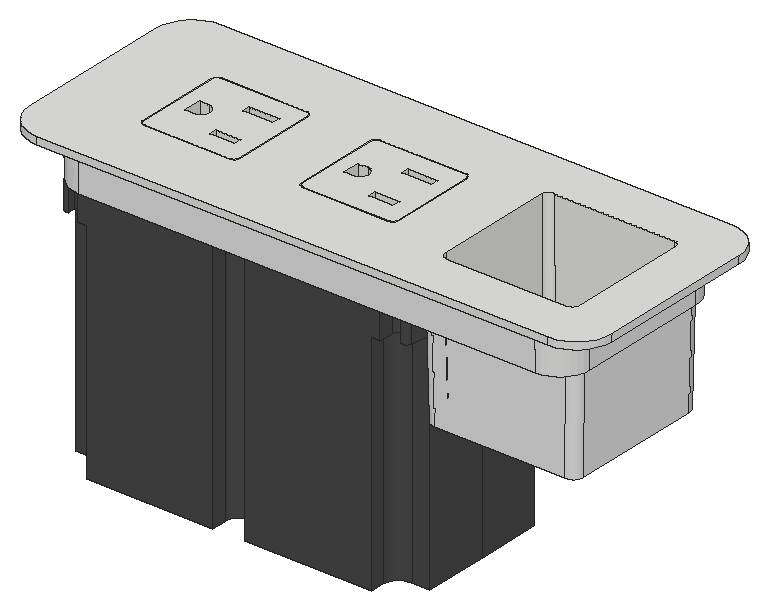
Revit family "Electrical-Teknion-YEFPW_Flush_Power_Module_WE_Connect-R2022", category Furniture, Revit 2023 (continued)
Definition of nested family "Body 3"
  Automatic sketch dimensions
    curve 5 to curve 4 = 0.02465"
    curve 50 to curve 49 = 0.02465"
    curve 48 to curve 48 = 0.08249"
    curve 58 to curve 59 = 0.1054"
    curve 13 to curve 14 = 0.1054"
    curve 3 to curve 11 = 0.000"
    curve 2 to curve 1 = 0.00277"
    curve 47 to curve 47 = 0.00277"
    curve 18 to plane 6 "Back" = 0.15745"
    curve 2 to curve 18 = 0.09471"
    curve 61 to plane 7 "Front" = 0.15745"
    curve 47 to curve 61 = 0.09471"
    curve 57 to curve 55 = 0.00103"
    curve 12 to curve 10 = 0.00103"
    curve 59 to curve 60 = 0.34422"
    curve 60 to plane 7 "Front" = 0.51181"
    curve 60 to curve 60 = 1.08316"
    curve 15 to curve 8 = 0.16433"
    curve 60 to curve 46 = 0.16433"
    curve 8 to plane 6 "Back" = 0.16057"
    curve 1 to curve 8 = 0.0028"
    curve 53 to plane 7 "Front" = 0.16057"
    curve 46 to curve 53 = 0.0028"
    curve 53 to curve 54 = 0.17714"
    curve 8 to curve 9 = 0.17714"
    curve 42 to curve 39 = 0.00108"
    curve 83 to curve 81 = 0.0028"
    curve 39 to curve 42 = 0.00172"
    curve 54 to curve 84 = 0.16706"
    plane 3 "Center Left/Right" to curve 84 = 0.54154"
    curve 84 to curve 82 = 0.16435"
    curve 43 to curve 40 = 0.16435"
    curve 40 to curve 39 = 0.00172"
    curve 41 to plane 6 "Back" = 0.16675"
    curve 82 to plane 7 "Front" = 0.16675"
    curve 81 to curve 82 = 0.00291"
    curve 82 to curve 71 = 0.17703"
    curve 28 to curve 28 = 0.17703"
    curve 70 to plane 7 "Front" = 0.16057"
    curve 27 to plane 6 "Back" = 0.16057"
    curve 28 to curve 27 = 0.0028"
    curve 71 to curve 63 = 0.0028"
    curve 70 to curve 36 = 0.16713"
    plane 5 "Right" to curve 77 = 0.56076"
    curve 74 to plane 7 "Front" = 0.09843"
    plane 5 "Right" to curve 74 = 0.39476"
    curve 29 to plane 6 "Back" = 0.09843"
    plane 5 "Right" to curve 29 = 0.39476"
    curve 74 to plane 7 "Front" = 0.15745"
    curve 72 to curve 74 = 0.00103"
    curve 31 to plane 6 "Back" = 0.15745"
    curve 29 to curve 31 = 0.00103"
    curve 29 to curve 21 = 0.09296"
    curve 72 to curve 63 = 0.09296"
    curve 31 to curve 21 = 0.09471"
    curve 78 to curve 64 = 0.09471"
    curve 21 to curve 30 = 0.08249"
    curve 65 to curve 79 = 0.08249"
    curve 65 to curve 73 = 0.000"
    curve 22 to curve 30 = 0.000"
    curve 22 to curve 23 = 0.00132"
    curve 65 to curve 66 = 0.00132"
    curve 33 to curve 33 = 0.1054"
    curve 73 to curve 75 = 0.1054"
    curve 22 to curve 24 = 0.02465"
    curve 65 to curve 67 = 0.02465"
    plane 5 "Right" to curve 32 = 0.09843"
    plane 5 "Right" to curve 68 = 0.05131"
    plane 5 "Right" to curve 25 = 0.05131"
    plane 5 "Right" to curve 79 = 0.01271"
    plane 5 "Right" to curve 26 = 0.01271"
    curve 66 to plane 7 "Front" = 0.08352"
    curve 55 to curve 57 = 0.05903"
    curve 67 to curve 68 = 0.04348"
    curve 49 to curve 51 = 0.04348"
    curve 56 to curve 48 = 0.00147"
    curve 73 to curve 64 = 0.00147"
    curve 54 to curve 84 = 0.35124"
    curve 76 to curve 35 = 0.17716"
    curve 44 to curve 9 = 0.35124"
    curve 36 to curve 27 = 0.35124"
    curve 17 to curve 9 = 0.35124"
    curve 3 to curve 11 = 0.00147"
    curve 21 to curve 30 = 0.00147"
    curve 22 to curve 24 = 0.02112"
    curve 3 to curve 5 = 0.02112"
    curve 24 to curve 25 = 0.0108"
    curve 12 to curve 10 = 0.05903"
    curve 46 to curve 61 = 0.09468"
    curve 1 to curve 18 = 0.09468"
    curve 83 to curve 80 = 0.00108"
    curve 78 to curve 63 = 0.09468"
    curve 37 to curve 20 = 0.09468"
Definition of nested family "Receptacle - Power"
  Parameters (values of type "Receptacle - Power")
    Warranty = "http://www.teknion.com/ca/papers/legal-canada"
    Unit Weight URL = "http://www.teknion.com/ca/tools/assets#&asset=bee6a381-b954-425e-8283-5a2de3a804f2,f828d448-4b62-4231-9e5f-9a8991c0ed77"
    URL = "www.teknion.com"
    To render please download texture images found here [instance] = "https://assets.teknion.com/web/5e81352c1dfdb467/revit-material-swatches/"
    Sustainability Data = "https://www.teknion.com/ca/tools/assets#&topic=216f99a5-57a0-44fc-b10a-9dee9b29ae4c&asset=444deb64-fe58-4b68-981e-f75e97781df7,b4ff2d81-9f2e-437d-9659-7cffb09c31cf"
    Series = ""
    Receptacle Finish [instance] = none
    Product Page URL = ""
    Product Line = ""
    Product Documentation Link = ""
    Part Number = ""
    Model = ""
    Manufacturer Phone = "416-661-3370"  # constant formula
    Manufacturer Fax = "416.661.4586"  # constant formula
    Manufacturer Contact Information = "http://www.teknion.com/ca/contactus"
    Manufacturer Address = "1150 Flint Road, Toronto, ON. M3J 2J5. Canada"  # constant formula
    Manufacturer = "Teknion"  # constant formula
    How To Use Teknion Materials User Guide [instance] = "https://assets.teknion.com/m/205dd0a49fa58060/original/How-to-add-a-Material-Library-and-Texture-Images-to-your-Revit-project.pdf"
    For Additional Finishes please visit [instance] = "https://assets.teknion.com/m/44a8009b046e5d47/original/Teknion_Materials_Library.zip"
    Description = "Receptacle - Power"
    Default Elevation = 0.000"
    Assembly Code = "E2020200"
  Reference planes (in)
    plane 1 "Center Front/Back": y = 0.46413
    plane 2: z = 0
    plane 3 "Center Left/Right": x = 0.0494
    plane 4 "Left": x = -0.48209
    plane 5 "Right": x = 0.5809
    plane 6 "Back": y = 0.99563
    plane 7 "Front": y = -0.06737
    plane 8 "Top": z = 27.69492
    plane 9: z = 27.50592
  Forms (in)
    Sweep 1, solid, material <- "Receptacle Finish"
      path origin (0, 0.46413, 0) x (1, 0, 0) y (0, 0, 1)
        loop
          line (0.0494, 27.69492) -> (0.0494, 27.50592)
      profile origin (0.0494, 0.46413, 27.60042) x (0, -1, 0) y (1, 0, 0)
        loop
          line (-0.53149, 0.47244) -> (-0.53149, -0.47244)
          arc (-0.53149, -0.47244) -> (-0.5142, -0.5142) -> (-0.47244, -0.5315) r 0.05906
          line (-0.47244, -0.5315) -> (0.47244, -0.5315)
          arc (0.47244, -0.5315) -> (0.5142, -0.5142) -> (0.5315, -0.47244) r 0.05906
          line (0.5315, -0.47244) -> (0.5315, 0.47244)
          arc (0.5315, 0.47244) -> (0.5142, 0.5142) -> (0.47244, 0.5315) r 0.05906
          line (0.47244, 0.5315) -> (-0.47244, 0.5315)
          arc (-0.47244, 0.5315) -> (-0.5142, 0.5142) -> (-0.53149, 0.47244) r 0.05906
        loop
          line (-0.02756, -0.29331) -> (-0.02756, -0.20669) -> (-0.36614, -0.20669) -> (-0.36614, -0.29331) -> (-0.02756, -0.29331)
        loop
          line (-0.05905, 0.20669) -> (-0.05905, 0.29331) -> (-0.33464, 0.29331) -> (-0.33464, 0.20669) -> (-0.05905, 0.20669)
        loop
          arc (0.27166, 0.10236) -> (0.1693, 0) -> (0.27166, -0.10236) r 0.10236
          line (0.27166, -0.10236) -> (0.37402, -0.10236) -> (0.37402, 0.10236) -> (0.27166, 0.10236)
  Lines and regions (in)
    symbolic lines
      curve 1: line (0.52184, 0.99563, 0) -> (-0.42304, 0.99563, 0)
      curve 2: arc (-0.42304, 0.99563, 0) -> (-0.4648, 0.97833, 0) -> (-0.48209, 0.93657, 0) r 0.05906
      curve 3: line (-0.48209, 0.93657, 0) -> (-0.48209, -0.00831, 0)
      curve 4: arc (-0.48209, -0.00831, 0) -> (-0.4648, -0.05007, 0) -> (-0.42304, -0.06737, 0) r 0.05906
      curve 5: line (-0.42304, -0.06737, 0) -> (0.52184, -0.06737, 0)
      curve 6: arc (0.52184, -0.06737, 0) -> (0.5636, -0.05007, 0) -> (0.5809, -0.00831, 0) r 0.05906
      curve 7: line (0.5809, -0.00831, 0) -> (0.5809, 0.93657, 0)
      curve 8: arc (0.5809, 0.93657, 0) -> (0.5636, 0.97833, 0) -> (0.52184, 0.99563, 0) r 0.05906
      curve 9: line (-0.15729, 0.83027, 0) -> (-0.15729, 0.49169, 0)
      curve 10: line (-0.15729, 0.49169, 0) -> (-0.24391, 0.49169, 0)
      curve 11: line (-0.24391, 0.49169, 0) -> (-0.24391, 0.83027, 0)
      curve 12: line (-0.24391, 0.83027, 0) -> (-0.15729, 0.83027, 0)
      curve 13: line (0.25609, 0.52319, 0) -> (0.25609, 0.79878, 0)
      curve 14: line (0.25609, 0.79878, 0) -> (0.34271, 0.79878, 0)
      curve 15: line (0.34271, 0.79878, 0) -> (0.34271, 0.52319, 0)
      curve 16: line (0.34271, 0.52319, 0) -> (0.25609, 0.52319, 0)
      curve 17: line (0.15176, 0.19248, 0) -> (0.15176, 0.09012, 0)
      curve 18: line (0.15176, 0.09012, 0) -> (-0.05296, 0.09012, 0)
      curve 19: line (-0.05296, 0.09012, 0) -> (-0.05296, 0.19248, 0)
      curve 20: arc (-0.05296, 0.19248, 0) -> (0.0494, 0.29484, 0) -> (0.15176, 0.19248, 0) r 0.10236
  Dimensions and locks (in)
    plane 4 "Left" to plane 5 "Right" = 1.06299"
    plane 6 "Back" to plane 7 "Front" = 1.063"
    locked: plane 8 "Top" to level at 27.69492
    equal spacing: plane 6 "Back", plane 1 "Center Front/Back", plane 7 "Front"
    equal spacing: plane 4 "Left", plane 3 "Center Left/Right", plane 5 "Right"
    plane 8 "Top" to plane 9 = 0.189"
    aligned and locked: level to plane 2
  Automatic sketch dimensions
    Sweep 1 sketch curve to plane 3 "Center Left/Right" = 0.000"
    Sweep 1 sketch curve to plane 9 = 0.000"
    Sweep 1 sketch curve to plane 8 "Top" = 0.000"
    Sweep 1 sketch curve to profile plane = 0.000"
    Sweep 1 sketch curve to plane 1 "Center Front/Back" = 0.53149"
    Sweep 1 sketch curve to Sweep 1 sketch curve = 0.05906"  (x3)
    Sweep 1 sketch curve to Sweep 1 sketch curve = 0.1063"
    Sweep 1 sketch curve to Sweep 1 sketch curve = 0.1378"
    Sweep 1 sketch curve to plane 1 "Center Front/Back" = 0.05905"
    Sweep 1 sketch curve to plane 1 "Center Front/Back" = 0.02756"
    plane 1 "Center Front/Back" to Sweep 1 sketch curve = 0.27166"
    Sweep 1 sketch curve to Sweep 1 sketch curve = 0.10236"
    Sweep 1 sketch curve to Sweep 1 sketch curve = 0.09843"  (x2)
    profile plane to Sweep 1 sketch curve = 0.10236"
    profile plane to Sweep 1 sketch curve = 0.20669"
    Sweep 1 sketch curve to Sweep 1 sketch curve = 0.08661"  (x2)
    Sweep 1 sketch curve to Sweep 1 sketch curve = 0.37008"
    Sweep 1 sketch curve to profile plane = 0.20669"
    Sweep 1 sketch curve to Sweep 1 sketch curve = 0.17913"
    curve 3 to plane 4 "Left" = 0.000"
    plane 7 "Front" to curve 5 = 0.000"
    curve 6 to plane 5 "Right" = 0.000"
    plane 4 "Left" to curve 5 = 0.05906"
    curve 1 to plane 6 "Back" = 0.00001"
    plane 4 "Left" to curve 1 = 0.05906"
    plane 5 "Right" to curve 1 = 0.05906"
    plane 5 "Right" to curve 5 = 0.05906"
    curve 10 to plane 1 "Center Front/Back" = 0.02756"
    plane 4 "Left" to curve 10 = 0.23819"
    curve 12 to curve 12 = 0.08661"
    curve 12 to plane 6 "Back" = 0.16536"
    plane 3 "Center Left/Right" to curve 14 = 0.20669"
    curve 16 to curve 16 = 0.08661"
    curve 16 to plane 1 "Center Front/Back" = 0.05905"
    curve 15 to plane 6 "Back" = 0.19686"
    curve 20 to plane 3 "Center Left/Right" = 0.000"
    curve 19 to plane 3 "Center Left/Right" = 0.10236"
    curve 18 to plane 7 "Front" = 0.15748"
    curve 18 to curve 20 = 0.10236"
Definition of nested family "Receptacle - USB - A + C (18W)"
  Parameters (values of type "Receptacle - USB - A + C (18W)")
    Warranty = "http://www.teknion.com/ca/papers/legal-canada"
    Unit Weight URL = "http://www.teknion.com/ca/tools/assets#&asset=bee6a381-b954-425e-8283-5a2de3a804f2,f828d448-4b62-4231-9e5f-9a8991c0ed77"
    URL = "www.teknion.com"
    To render please download texture images found here [instance] = "https://assets.teknion.com/web/5e81352c1dfdb467/revit-material-swatches/"
    Sustainability Data = "https://www.teknion.com/ca/tools/assets#&topic=216f99a5-57a0-44fc-b10a-9dee9b29ae4c&asset=444deb64-fe58-4b68-981e-f75e97781df7,b4ff2d81-9f2e-437d-9659-7cffb09c31cf"
    Series = ""
    Receptacle Finish [instance] = none
    Product Page URL = ""
    Product Line = ""
    Product Documentation Link = ""
    Part Number = ""
    Model = ""
    Manufacturer Phone = "416-661-3370"  # constant formula
    Manufacturer Fax = "416.661.4586"  # constant formula
    Manufacturer Contact Information = "http://www.teknion.com/ca/contactus"
    Manufacturer Address = "1150 Flint Road, Toronto, ON. M3J 2J5. Canada"  # constant formula
    Manufacturer = "Teknion"  # constant formula
    How To Use Teknion Materials User Guide [instance] = "https://assets.teknion.com/m/205dd0a49fa58060/original/How-to-add-a-Material-Library-and-Texture-Images-to-your-Revit-project.pdf"
    For Additional Finishes please visit [instance] = "https://assets.teknion.com/m/44a8009b046e5d47/original/Teknion_Materials_Library.zip"
    Description = "Receptacle - USB - A + C (18W)"
    Default Elevation = 0.000"
    Assembly Code = "E2020200"
  Reference planes (in)
    plane 1 "Center Front/Back": y = 0.46413
    plane 2: z = 0
    plane 3 "Center Left/Right": x = 0.0494
    plane 4 "Left": x = -0.48209
    plane 5 "Right": x = 0.5809
    plane 6 "Back": y = 0.99563
    plane 7 "Front": y = -0.06737
    plane 8 "Top": z = 27.69492
    plane 9: z = 27.50592
  Forms (in)
    Sweep 1, solid, material <- "Receptacle Finish"
      path origin (0, 0.46413, 0) x (1, 0, 0) y (0, 0, 1)
        loop
          line (0.0494, 27.69492) -> (0.0494, 27.50592)
      profile origin (0.0494, 0.46413, 27.60042) x (0, -1, 0) y (1, 0, 0)
        loop
          line (-0.53149, 0.47244) -> (-0.53149, -0.47244)
          arc (-0.53149, -0.47244) -> (-0.5142, -0.5142) -> (-0.47244, -0.5315) r 0.05906
          line (-0.47244, -0.5315) -> (0.47244, -0.5315)
          arc (0.47244, -0.5315) -> (0.5142, -0.5142) -> (0.5315, -0.47244) r 0.05906
          line (0.5315, -0.47244) -> (0.5315, 0.47244)
          arc (0.5315, 0.47244) -> (0.5142, 0.5142) -> (0.47244, 0.5315) r 0.05906
          line (0.47244, 0.5315) -> (-0.47244, 0.5315)
          arc (-0.47244, 0.5315) -> (-0.5142, 0.5142) -> (-0.53149, 0.47244) r 0.05906
        loop
          arc (-0.12106, 0.13583) -> (-0.1349, 0.16923) -> (-0.1683, 0.18307) r 0.04724
          line (-0.1683, 0.18307) -> (-0.21161, 0.18307)
          arc (-0.21161, 0.18307) -> (-0.24502, 0.16923) -> (-0.25885, 0.13583) r 0.04724
          line (-0.25885, 0.13583) -> (-0.25885, -0.13583)
          arc (-0.25885, -0.13583) -> (-0.24502, -0.16923) -> (-0.21161, -0.18307) r 0.04724
          line (-0.21161, -0.18307) -> (-0.1683, -0.18307)
          arc (-0.1683, -0.18307) -> (-0.1349, -0.16923) -> (-0.12106, -0.13583) r 0.04724
          line (-0.12106, -0.13583) -> (-0.12106, 0.13583)
        loop
          line (0.04134, -0.25886) -> (0.26378, -0.25886) -> (0.26378, 0.25886) -> (0.04134, 0.25886) -> (0.04134, -0.25886)
  Lines and regions (in)
    symbolic lines
      curve 1: line (0.52184, 0.99563, 0) -> (-0.42304, 0.99563, 0)
      curve 2: arc (-0.42304, 0.99563, 0) -> (-0.4648, 0.97833, 0) -> (-0.48209, 0.93657, 0) r 0.05906
      curve 3: line (-0.48209, 0.93657, 0) -> (-0.48209, -0.00831, 0)
      curve 4: arc (-0.48209, -0.00831, 0) -> (-0.4648, -0.05007, 0) -> (-0.42304, -0.06737, 0) r 0.05906
      curve 5: line (-0.42304, -0.06737, 0) -> (0.52184, -0.06737, 0)
      curve 6: arc (0.52184, -0.06737, 0) -> (0.5636, -0.05007, 0) -> (0.5809, -0.00831, 0) r 0.05906
      curve 7: line (0.5809, -0.00831, 0) -> (0.5809, 0.93657, 0)
      curve 8: arc (0.5809, 0.93657, 0) -> (0.5636, 0.97833, 0) -> (0.52184, 0.99563, 0) r 0.05906
      curve 9: line (-0.08643, 0.72299, 0) -> (0.18523, 0.72299, 0)
      curve 10: arc (0.18523, 0.72299, 0) -> (0.21863, 0.70915, 0) -> (0.23247, 0.67575, 0) r 0.04724
      curve 11: line (0.23247, 0.67575, 0) -> (0.23247, 0.63244, 0)
      curve 12: arc (0.23247, 0.63244, 0) -> (0.21863, 0.59903, 0) -> (0.18523, 0.58519, 0) r 0.04724
      curve 13: line (0.18523, 0.58519, 0) -> (-0.08643, 0.58519, 0)
      curve 14: arc (-0.08643, 0.58519, 0) -> (-0.11983, 0.59903, 0) -> (-0.13367, 0.63244, 0) r 0.04724
      curve 15: line (-0.13367, 0.63244, 0) -> (-0.13367, 0.67575, 0)
      curve 16: arc (-0.13367, 0.67575, 0) -> (-0.11983, 0.70915, 0) -> (-0.08643, 0.72299, 0) r 0.04724
      curve 17: line (-0.20946, 0.42279, 0) -> (0.30826, 0.42279, 0)
      curve 18: line (0.30826, 0.42279, 0) -> (0.30826, 0.20035, 0)
      curve 19: line (0.30826, 0.20035, 0) -> (-0.20946, 0.20035, 0)
      curve 20: line (-0.20946, 0.20035, 0) -> (-0.20946, 0.42279, 0)
  Dimensions and locks (in)
    plane 4 "Left" to plane 5 "Right" = 1.06299"
    plane 6 "Back" to plane 7 "Front" = 1.063"
    locked: plane 8 "Top" to level at 27.69492
    equal spacing: plane 6 "Back", plane 1 "Center Front/Back", plane 7 "Front"
    equal spacing: plane 4 "Left", plane 3 "Center Left/Right", plane 5 "Right"
    plane 8 "Top" to plane 9 = 0.189"
    aligned and locked: level to plane 2
  Automatic sketch dimensions
    Sweep 1 sketch curve to plane 3 "Center Left/Right" = 0.000"
    Sweep 1 sketch curve to plane 9 = 0.000"
    Sweep 1 sketch curve to plane 8 "Top" = 0.000"
    curve 3 to plane 4 "Left" = 0.000"
    plane 7 "Front" to curve 5 = 0.000"
    curve 6 to plane 5 "Right" = 0.000"
    plane 4 "Left" to curve 5 = 0.05906"
    curve 1 to plane 6 "Back" = 0.00001"
    plane 4 "Left" to curve 1 = 0.05906"
    plane 5 "Right" to curve 1 = 0.05906"
    plane 5 "Right" to curve 5 = 0.05906"
    Sweep 1 sketch curve to plane 1 "Center Front/Back" = 0.53149"
    Sweep 1 sketch curve to Sweep 1 sketch curve = 0.05906"  (x3)
    Sweep 1 sketch curve to profile plane = 0.13583"
    Sweep 1 sketch curve to plane 1 "Center Front/Back" = 0.25885"
    Sweep 1 sketch curve to Sweep 1 sketch curve = 0.04724"  (x3)
    Sweep 1 sketch curve to Sweep 1 sketch curve = 0.04331"  (x2)
    plane 1 "Center Front/Back" to Sweep 1 sketch curve = 0.04134"
    Sweep 1 sketch curve to Sweep 1 sketch curve = 0.22244"
    Sweep 1 sketch curve to Sweep 1 sketch curve = 0.20866"  (x2)
    profile plane to Sweep 1 sketch curve = 0.13583"
    Sweep 1 sketch curve to Sweep 1 sketch curve = 0.12303"  (x2)
    Sweep 1 sketch curve to Sweep 1 sketch curve = 0.21358"  (x2)
    curve 15 to plane 3 "Center Left/Right" = 0.18307"
    curve 15 to curve 9 = 0.04724"
    curve 14 to curve 16 = 0.000"
    plane 3 "Center Left/Right" to curve 13 = 0.13583"
    curve 9 to curve 12 = 0.000"
    curve 10 to curve 11 = 0.04724"
    curve 13 to plane 1 "Center Front/Back" = 0.12106"
    curve 15 to curve 15 = 0.04331"
    plane 1 "Center Front/Back" to curve 20 = 0.04134"
    curve 20 to curve 13 = 0.12303"
    curve 12 to curve 17 = 0.12303"
    curve 18 to curve 17 = 0.22244"
Definition of nested family "Receptacle - USB - A + C (65W)"
  Parameters (values of type "Receptacle - USB - A + C (65W)")
    Warranty = "http://www.teknion.com/ca/papers/legal-canada"
    Unit Weight URL = "http://www.teknion.com/ca/tools/assets#&asset=bee6a381-b954-425e-8283-5a2de3a804f2,f828d448-4b62-4231-9e5f-9a8991c0ed77"
    URL = "www.teknion.com"
    To render please download texture images found here [instance] = "https://assets.teknion.com/web/5e81352c1dfdb467/revit-material-swatches/"
    Sustainability Data = "https://www.teknion.com/ca/tools/assets#&topic=216f99a5-57a0-44fc-b10a-9dee9b29ae4c&asset=444deb64-fe58-4b68-981e-f75e97781df7,b4ff2d81-9f2e-437d-9659-7cffb09c31cf"
    Series = ""
    Receptacle Finish [instance] = none
    Product Page URL = ""
    Product Line = ""
    Product Documentation Link = ""
    Part Number = ""
    Model = ""
    Manufacturer Phone = "416-661-3370"  # constant formula
    Manufacturer Fax = "416.661.4586"  # constant formula
    Manufacturer Contact Information = "http://www.teknion.com/ca/contactus"
    Manufacturer Address = "1150 Flint Road, Toronto, ON. M3J 2J5. Canada"  # constant formula
    Manufacturer = "Teknion"  # constant formula
    How To Use Teknion Materials User Guide [instance] = "https://assets.teknion.com/m/205dd0a49fa58060/original/How-to-add-a-Material-Library-and-Texture-Images-to-your-Revit-project.pdf"
    For Additional Finishes please visit [instance] = "https://assets.teknion.com/m/44a8009b046e5d47/original/Teknion_Materials_Library.zip"
    Description = "Receptacle - USB - A + C (65W)"
    Default Elevation = 0.000"
    Assembly Code = "E2020200"
  Reference planes (in)
    plane 1 "Center Front/Back": y = 0.46413
    plane 2: z = 0
    plane 3 "Center Left/Right": x = 0.0494
    plane 4 "Left": x = -0.48209
    plane 5 "Right": x = 0.5809
    plane 6 "Back": y = 0.99563
    plane 7 "Front": y = -0.06737
    plane 8 "Top": z = 27.69492
    plane 9: z = 27.50592
  Forms (in)
    Sweep 1, solid, material <- "Receptacle Finish"
      path origin (0, 0.46413, 0) x (1, 0, 0) y (0, 0, 1)
        loop
          line (0.0494, 27.69492) -> (0.0494, 27.50592)
      profile origin (0.0494, 0.46413, 27.60042) x (0, -1, 0) y (1, 0, 0)
        loop
          line (-0.53149, 0.47244) -> (-0.53149, -0.47244)
          arc (-0.53149, -0.47244) -> (-0.5142, -0.5142) -> (-0.47244, -0.5315) r 0.05906
          line (-0.47244, -0.5315) -> (0.47244, -0.5315)
          arc (0.47244, -0.5315) -> (0.5142, -0.5142) -> (0.5315, -0.47244) r 0.05906
          line (0.5315, -0.47244) -> (0.5315, 0.47244)
          arc (0.5315, 0.47244) -> (0.5142, 0.5142) -> (0.47244, 0.5315) r 0.05906
          line (0.47244, 0.5315) -> (-0.47244, 0.5315)
          arc (-0.47244, 0.5315) -> (-0.5142, 0.5142) -> (-0.53149, 0.47244) r 0.05906
        loop
          line (-0.25866, -0.26132) -> (0.25906, -0.26132) -> (0.25906, -0.03888) -> (-0.25866, -0.03888) -> (-0.25866, -0.26132)
        loop
          line (0.06024, 0.26132) -> (-0.21141, 0.26132)
          arc (-0.21141, 0.26132) -> (-0.24482, 0.24748) -> (-0.25866, 0.21407) r 0.04724
          line (-0.25866, 0.21407) -> (-0.25866, 0.17077)
          arc (-0.25866, 0.17077) -> (-0.24482, 0.13736) -> (-0.21141, 0.12352) r 0.04724
          line (-0.21141, 0.12352) -> (0.06024, 0.12352)
          arc (0.06024, 0.12352) -> (0.09365, 0.13736) -> (0.10748, 0.17077) r 0.04724
          line (0.10748, 0.17077) -> (0.10748, 0.21407)
          arc (0.10748, 0.21407) -> (0.09365, 0.24748) -> (0.06024, 0.26132) r 0.04724
    Sweep 2, void
      path origin (0, 0.46413, 0) x (1, 0, 0) y (0, 0, 1)
        loop
          line (0.0494, 27.68292) -> (0.0494, 27.87329)
      profile origin (0.0494, 0.46413, 27.77811) x (-1, 0, 0) y (0, -1, 0)
        loop
          line (-0.09203, 0.20394) -> (-0.09203, 0.32796) -> (-0.29281, 0.32796) -> (-0.29281, 0.20394) -> (-0.09203, 0.20394)
        loop
          line (-0.08415, 0.19607) -> (-0.08415, 0.33583) -> (-0.30069, 0.33583) -> (-0.30069, 0.19607) -> (-0.08415, 0.19607)
  Cuts and joins
    Sweep 2 cuts Sweep 1
  Lines and regions (in)
    symbolic lines
      curve 1: line (0.52184, 0.99563, 0) -> (-0.42304, 0.99563, 0)
      curve 2: arc (-0.42304, 0.99563, 0) -> (-0.4648, 0.97833, 0) -> (-0.48209, 0.93657, 0) r 0.05906
      curve 3: line (-0.48209, 0.93657, 0) -> (-0.48209, -0.00831, 0)
      curve 4: arc (-0.48209, -0.00831, 0) -> (-0.4648, -0.05007, 0) -> (-0.42304, -0.06737, 0) r 0.05906
      curve 5: line (-0.42304, -0.06737, 0) -> (0.52184, -0.06737, 0)
      curve 6: arc (0.52184, -0.06737, 0) -> (0.5636, -0.05007, 0) -> (0.5809, -0.00831, 0) r 0.05906
      curve 7: line (0.5809, -0.00831, 0) -> (0.5809, 0.93657, 0)
      curve 8: arc (0.5809, 0.93657, 0) -> (0.5636, 0.97833, 0) -> (0.52184, 0.99563, 0) r 0.05906
      curve 9: line (-0.21192, 0.20508, 0) -> (-0.21192, 0.72279, 0)
      curve 10: line (-0.21192, 0.72279, 0) -> (0.01052, 0.72279, 0)
      curve 11: line (0.01052, 0.72279, 0) -> (0.01052, 0.20508, 0)
      curve 12: line (0.01052, 0.20508, 0) -> (-0.21192, 0.20508, 0)
      curve 13: line (0.17293, 0.40389, 0) -> (0.17293, 0.67555, 0)
      curve 14: arc (0.17293, 0.67555, 0) -> (0.18676, 0.70895, 0) -> (0.22017, 0.72279, 0) r 0.04724
      curve 15: line (0.22017, 0.72279, 0) -> (0.26348, 0.72279, 0)
      curve 16: arc (0.26348, 0.72279, 0) -> (0.29688, 0.70895, 0) -> (0.31072, 0.67555, 0) r 0.04724
      curve 17: line (0.31072, 0.67555, 0) -> (0.31072, 0.40389, 0)
      curve 18: arc (0.31072, 0.40389, 0) -> (0.29688, 0.37049, 0) -> (0.26348, 0.35665, 0) r 0.04724
      curve 19: line (0.26348, 0.35665, 0) -> (0.22017, 0.35665, 0)
      curve 20: arc (0.22017, 0.35665, 0) -> (0.18676, 0.37049, 0) -> (0.17293, 0.40389, 0) r 0.04724
      curve 21: line (0.13356, 0.26807, 0) -> (0.35009, 0.26807, 0)
      curve 22: line (0.35009, 0.26807, 0) -> (0.35009, 0.1283, 0)
      curve 23: line (0.35009, 0.1283, 0) -> (0.13356, 0.1283, 0)
      curve 24: line (0.13356, 0.1283, 0) -> (0.13356, 0.26807, 0)
      curve 25: line (0.34222, 0.26019, 0) -> (0.14143, 0.26019, 0)
      curve 26: line (0.14143, 0.26019, 0) -> (0.14143, 0.13618, 0)
      curve 27: line (0.14143, 0.13618, 0) -> (0.34222, 0.13618, 0)
      curve 28: line (0.34222, 0.13618, 0) -> (0.34222, 0.26019, 0)
  Dimensions and locks (in)
    plane 4 "Left" to plane 5 "Right" = 1.06299"
    plane 6 "Back" to plane 7 "Front" = 1.063"
    locked: plane 8 "Top" to level at 27.69492
    equal spacing: plane 6 "Back", plane 1 "Center Front/Back", plane 7 "Front"
    equal spacing: plane 4 "Left", plane 3 "Center Left/Right", plane 5 "Right"
    plane 8 "Top" to plane 9 = 0.189"
    aligned and locked: level to plane 2
  Automatic sketch dimensions
    Sweep 1 sketch curve to plane 3 "Center Left/Right" = 0.000"
    Sweep 1 sketch curve to plane 9 = 0.000"
    Sweep 1 sketch curve to plane 8 "Top" = 0.000"
    curve 3 to plane 4 "Left" = 0.000"
    plane 7 "Front" to curve 5 = 0.000"
    curve 6 to plane 5 "Right" = 0.000"
    plane 4 "Left" to curve 5 = 0.05906"
    curve 1 to plane 6 "Back" = 0.00001"
    plane 4 "Left" to curve 1 = 0.05906"
    plane 5 "Right" to curve 1 = 0.05906"
    plane 5 "Right" to curve 5 = 0.05906"
    Sweep 1 sketch curve to plane 1 "Center Front/Back" = 0.53149"
    Sweep 1 sketch curve to Sweep 1 sketch curve = 0.05906"  (x3)
    Sweep 1 sketch curve to plane 1 "Center Front/Back" = 0.25866"
    profile plane to Sweep 1 sketch curve = 0.03888"
    Sweep 1 sketch curve to Sweep 1 sketch curve = 0.000"  (x3)
    Sweep 1 sketch curve to Sweep 1 sketch curve = 0.04724"  (x2)
    plane 1 "Center Front/Back" to Sweep 1 sketch curve = 0.06024"
    plane 1 "Center Front/Back" to Sweep 1 sketch curve = 0.25906"
    plane 1 "Center Front/Back" to Sweep 1 sketch curve = 0.47244"
    Sweep 1 sketch curve to Sweep 1 sketch curve = 0.21339"
    Sweep 1 sketch curve to Sweep 1 sketch curve = 0.22244"
    Sweep 1 sketch curve to Sweep 1 sketch curve = 0.21112"
    Sweep 1 sketch curve to profile plane = 0.12352"
    Sweep 1 sketch curve to Sweep 1 sketch curve = 0.04331"
    Sweep 1 sketch curve to profile plane = 0.47244"
    Sweep 2 sketch curve to plane 3 "Center Left/Right" = 0.000"
    Sweep 2 sketch curve to plane 8 "Top" = 0.012"
    plane 8 "Top" to Sweep 2 sketch curve = 0.17837"
    profile plane to Sweep 2 sketch curve = 0.30069"
    Sweep 2 sketch curve to Sweep 2 sketch curve = 0.00787"  (x4)
    Sweep 2 sketch curve to Sweep 2 sketch curve = 0.20079"
    plane 1 "Center Front/Back" to Sweep 2 sketch curve = 0.19607"
    Sweep 2 sketch curve to Sweep 2 sketch curve = 0.12402"
    curve 12 to plane 3 "Center Left/Right" = 0.26132"
    curve 10 to plane 3 "Center Left/Right" = 0.03888"
    plane 1 "Center Front/Back" to curve 11 = 0.25906"
    curve 9 to plane 1 "Center Front/Back" = 0.25866"
    plane 3 "Center Left/Right" to curve 13 = 0.12352"
    curve 14 to curve 14 = 0.04724"
    curve 20 to curve 20 = 0.04724"
    curve 14 to curve 15 = 0.04331"
    curve 20 to curve 18 = 0.04331"
    curve 18 to curve 17 = 0.04724"
    plane 1 "Center Front/Back" to curve 19 = 0.10748"
    curve 16 to plane 1 "Center Front/Back" = 0.21141"
    plane 3 "Center Left/Right" to curve 24 = 0.08415"
    curve 23 to curve 23 = 0.21654"
    curve 23 to plane 7 "Front" = 0.19567"
    curve 21 to curve 18 = 0.08858"
    curve 21 to curve 25 = 0.00787"
    curve 27 to curve 22 = 0.00787"
    curve 22 to curve 27 = 0.00787"
    curve 28 to curve 21 = 0.00787"
Definition of nested family "Teknion_2D_Node_Family-R2016"
  Reference planes (in)
    plane 1 "Center (Front/Back)": y = 0
    plane 2: z = 0
    plane 3 "Center (Left/Right)": x = 0
  Lines and regions (in)
    detail lines, in view "Ref. Level"
      curve 1: circle (0, 0, 0) r 1.25 normal (0, 0, 1)
      curve 2: line (1.91508, -1.91508, 0) -> (-1.91508, 1.91508, 0)
      curve 3: line (-1.91508, -1.91508, 0) -> (1.91508, 1.91508, 0)
Types (4): name | Width | Triple - 2 - USB (65W) | Triple - 2 - Power | Triple - 1 - Power | T - Rectangular With Pass Through | Receptacle Finish | Model | MR - T + AJ | MR - C + AH | Faceplate Finish | Electrical Cut Out | Dual - 2 - USB (65W) | Dual - 1 - Power | Description | Depth | Configuration | C - Circular | Body 2 - T | Body 2 - C & 2R | AS - 2 Power | AJ - Triple | AJ - 1 Power/ 1 USB - A+C (65W) | AH - Dual | 2D - T | 2D - AH
  (no name) | 6.496" | no | yes | yes | yes | Plastic - Teknion - 8D - Atrium White | "YEFPWR___" | yes | no | Paint - Teknion - Foundation - Crisp Grey | "Only triple cut out available for rectangular with pass through faceplate." | no | no | "Flush Power Module, WE Connect, Rectangular Faceplate Style" | 2.559" | "Select one option only for configuration. Only AJ, AM & AS available for rectangular with pass through faceplate." | no | yes | no | yes | yes | no | no | yes | no
  Circular Faceplate | 4.724" | no | no | no | no | Plastic - Teknion - YY - Ebony | "YEFPWCAH__" | no | yes | Paint - Teknion - Mica - Anthracite | "Only dual cut out available for circular faceplate." | yes | yes | "Flush Power Module, WE Connect, Circular Faceplate Style, Dual Electrical Cut Out" | 4.724" | "Select one option only for configuration. Only AJ, AM & AS available for circular faceplate." | yes | no | yes | no | no | yes | yes | no | yes
  Rectangular With Pass Through Faceplate | 6.496" | yes | no | yes | yes | Plastic - Teknion - 8D - Atrium White | "YEFPWTAJ__" | yes | no | Paint - Teknion - Accent - Blue Sage | "Only triple cut out available for rectangular with pass through faceplate." | no | no | "Flush Power Module, WE Connect, Rectangular With Pass Through Faceplate Style, Triple Electrical Cut Out" | 2.559" | "Select one option only for configuration. Only AJ, AM & AS available for rectangular with pass through faceplate." | no | yes | no | no | yes | yes | no | yes | no
  Rectangular Faceplate | 6.496" | no | yes | yes | yes | Plastic - Teknion - 8D - Atrium White | "YEFPWR___" | yes | no | Paint - Teknion - Foundation - Crisp Grey | "Only triple cut out available for rectangular with pass through faceplate." | no | no | "Flush Power Module, WE Connect, Rectangular Faceplate Style" | 2.559" | "Select one option only for configuration. Only AJ, AM & AS available for rectangular with pass through faceplate." | no | yes | no | yes | yes | no | no | yes | no
